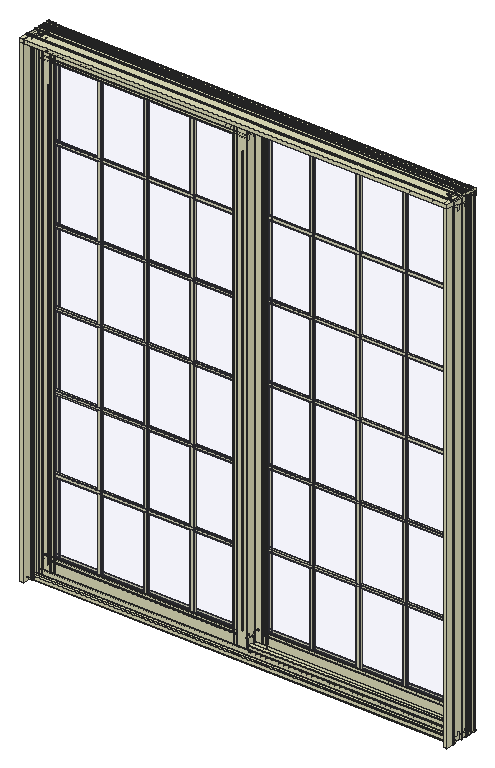
Revit family
Parameters
  Vertical Mullion 2 [instance] = and(Traditional Grille, not(Width > 7' 11 1/2"), and(Width > 7' 11 1/4"))  # no
  Vertical Mullion 3 [instance] = and(Traditional Grille, not(Width > 7' 11 1/4"), and(Width > 4' 11 1/4"))  # yes
  Unit Width = 5' - 11 1/2"
  Unit Height = 6' - 9 1/2"
  URL = "www.pella.com"
  Traditional Grille [instance] = yes
  Size Constraints = "Window Sizing constraints available in 1/4 inch (6.35 mm) increments"  # constant formula
  Set Back = 0' - 1 5/16"
  Series = "Impervia Series"  # constant formula
  Sections = ""
  Sash Width = Width - 0' 2 1/2"  # 5' - 9"
  Rough Width = Width + 0' 0 1/2"  # 6' - 0"
  Rough Height = Height + 0' 0 1/2"  # 6' - 10"
  Revisions Date = "07/29/2009"  # constant formula
  Prairie Grille [instance] = no
  OmniClass 23 = "23-30 00 00,23-30 10 00,23-30 10 14 17,23-30 10 17,23-30 10 17 11"  # constant formula
  MasterFormat 2004 = "08 00 00,08 10 00,08 15 00,08 15 13,08 30 00,08 32 00,08 32 16"  # constant formula
  Manufacturer = "Pella Windows & Doors"  # constant formula
  LEED = ""
  Interior Finish = Pella-Exterior Clad-Tan
  Horizontal Mullion 6 [instance] = and(Traditional Grille, not(Height > 7' 11 1/2"), and(Height > 7' 11 1/4"))  # no
  Horizontal Mullion 5 [instance] = and(Traditional Grille, not(Height > 7' 11 1/4"), and(Height > 6' 7 1/4"))  # yes
  Height = if(or(and(Unit Height < 7' 11 1/2", Unit Height > 6' 7 1/2"), or(Unit Height = 7' 11 1/2", Unit Height = 6' 7 1/2")), Unit Height, if(Unit Height < 6' 7 1/2", 6' 7 1/2", 7' 11 1/2"))  # 6' - 9 1/2"
  Grille Finish = Pella-Exterior Clad-Tan
  Glazing Type = Pella-Argon Filled, Low-E Insulating Glass
  Glazing = 0' - 1.0139"  # constant formula
  Exterior Finish = Pella-Exterior Clad-Tan
  Description = "Sliding Patio Door - Fixed / Vent Unit"  # constant formula
  Wall Closure = (empty or 0)
  Width = if(or(and(Unit Width < 7' 11 1/2", Unit Width > 4' 11 1/2"), or(Unit Width = 7' 11 1/2", Unit Width = 4' 11 1/2")), Unit Width, if(Unit Width < 4' 11 1/2", 4' 11 1/2", 7' 11 1/2"))  # 5' - 11 1/2"
  Assembly Code = "B2030900"
  Architectural Design Manual = "www.pellaadm.com"
  Architectural Data Sheet = "To be determined"
Reference planes (in)
  plane 1: y = 0
  plane 2 "Center (Left/Right)": x = 0
  plane 3 "Left": x = -35.75
  plane 4 "Right": x = 35.75
  plane 5 "Sill": z = 0
  plane 6 "Head": z = 81.5
  plane 7 "Exterior": y = 2.95276
  plane 8 "Interior": y = -2.95276
  plane 9 "Exterior Facade": y = 4.26526
  plane 10 "Set Back": y = 2.95276
  plane 11 "Left Sash": x = -34.5
  plane 12 "Right Sash": x = 34.5
  plane 13 "Interior Left": x = -32.35892
  plane 14 "Interior Right": x = 32.35892
  plane 15 "Head (Interior)": z = 80.25
  plane 16 "Sill (Interior)": z = 1.25
  plane 17 "Head-Interior": z = 78.10892
  plane 18 "Sill-Interior": z = 3.36067
  plane 19 "Glazing Exterior - Exterior": y = 2.39469
  plane 20 "Glazing Exterior - Interior": y = 2.27658
  plane 21 "Glazing Interior - Exterior": y = 1.38079
  plane 22 "Glazing Interior - Interior": y = 1.4989
  plane 23 "2nd Glazing Head": z = 77.80703
  plane 24 "2nd Glazing Sill": z = 3.66256
  plane 25: x = 32.05703
  plane 26: x = -32.05703
  plane 27: x = 35.125
  plane 28: y = -1.79722
  plane 29: x = -35.125
  plane 30: y = -1.79722
  plane 31: y = -1.79722
  plane 32: z = 80.875
  plane 33: z = 3.17232
  plane 34: z = 78.29727
  plane 35: x = 32.54727
  plane 36: x = 32.54727
  plane 37: z = 3.17232
  plane 38: z = 78.29727
  plane 39: z = 78.37601
  plane 40: z = 3.09358
  plane 41: x = -32.62601
  plane 42: x = 32.62601
  plane 43: x = -1.53396
  plane 44: x = 1.53396
  plane 45: x = -1.80104
  plane 46: x = 1.80104
  plane 47: x = -17.07998
  plane 48: x = 17.07998
  plane 49: y = -0.37532
  plane 50 "Glazing Interior - Exterior2": y = -0.25721
  plane 51: y = 0.52046
  plane 52 "Glazing Exterior - Exterior2": y = 0.63857
  plane 53: x = 1.6127
  plane 54: x = 1.6127
  plane 55: x = -0.42645
  plane 56: x = 0.42644
  plane 57: x = -1.6127
  plane 58: x = -32.54727
  plane 59: z = 3.17232
  plane 60: z = 78.29727
  plane 61: x = -32.54727
  plane 62: z = 78.29727
  plane 63: z = 3.17232
  plane 64: x = -1.6127
  plane 65: x = -22.26199
  plane 66: x = -11.89797
  plane 67: x = 11.89797
  plane 68: x = 22.26199
  plane 69: x = 22.63699
  plane 70: x = 21.88699
  plane 71: x = 12.27297
  plane 72: x = 11.52297
  plane 73: x = -22.63699
  plane 74: x = -21.88699
  plane 75: x = -12.27297
  plane 76: x = -11.52297
  plane 77: z = 15.81871
  plane 78: z = 40.7348
  plane 79: z = 65.65088
  plane 80: z = 16.19371
  plane 81: z = 15.44371
  plane 82: z = 40.3598
  plane 83: z = 41.1098
  plane 84: z = 65.27588
  plane 85: z = 66.02588
  plane 86: z = 16.19371
  plane 87: z = 15.44371
  plane 88: z = 41.1098
  plane 89: z = 40.3598
  plane 90: z = 66.02588
  plane 91: z = 65.27588
  plane 92: z = 14.03899
  plane 93: z = 35.39563
  plane 94: z = 46.07396
  plane 95: z = 67.4306
  plane 96: z = 14.41399
  plane 97: z = 13.66399
  plane 98: z = 35.77063
  plane 99: z = 35.02063
  plane 100: z = 46.44896
  plane 101: z = 45.69896
  plane 102: z = 67.8056
  plane 103: z = 67.0556
  plane 104: z = 14.41399
  plane 105: z = 13.66399
  plane 106: z = 35.77063
  plane 107: z = 35.02063
  plane 108: z = 46.44896
  plane 109: z = 45.69896
  plane 110: z = 67.8056
  plane 111: z = 67.0556
  plane 112: x = 29.20931
  plane 113: x = 29.58431
  plane 114: x = 28.83431
  plane 115: x = -29.20931
  plane 116: x = -29.58431
  plane 117: x = -28.83431
  plane 118: z = 7.01189
  plane 119: z = 6.26189
  plane 120: z = 6.63689
  plane 121: z = 74.4577
  plane 122: z = 75.2077
  plane 123: z = 74.8327
  plane 124: z = 7.01189
  plane 125: z = 6.26189
  plane 126: z = 6.63689
  plane 127: z = 74.4577
  plane 128: z = 75.2077
  plane 129: z = 74.8327
  plane 130: x = -24.853
  plane 131: x = -9.30697
  plane 132: x = 9.30697
  plane 133: x = 24.853
  plane 134: x = -4.04622
  plane 135: x = -3.67122
  plane 136: x = -4.42122
  plane 137: x = 4.04622
  plane 138: x = 3.67122
  plane 139: x = 4.42122
  plane 140: z = 53.19284
  plane 141: z = 28.27675
  plane 142: z = 56.75228
  plane 143: z = 24.71731
  plane 144: x = 9.68197
  plane 145: x = 8.93197
  plane 146: x = 16.70498
  plane 147: x = 17.45498
  plane 148: x = 24.478
  plane 149: x = 25.228
  plane 150: x = -24.478
  plane 151: x = -25.228
  plane 152: x = -9.68197
  plane 153: x = -8.93197
  plane 154: x = -16.70498
  plane 155: x = -17.45498
  plane 156: z = 25.09231
  plane 157: z = 24.34231
  plane 158: z = 57.12728
  plane 159: z = 56.37728
  plane 160: z = 25.09231
  plane 161: z = 24.34231
  plane 162: z = 57.12728
  plane 163: z = 56.37728
  plane 164: z = 28.65175
  plane 165: z = 27.90175
  plane 166: z = 53.56784
  plane 167: z = 52.81784
  plane 168: z = 28.65175
  plane 169: z = 27.90175
  plane 170: z = 53.56784
  plane 171: z = 52.81784
  plane 172: x = 4.43012
  plane 173: x = 7.38287
  plane 174: z = 38.76629
  plane 175: z = 42.7033
Forms (in)
  Sweep 1, solid, material "Pella-Exterior Clad-Tan" <- "Exterior Finish"
    path origin (0, 2.95276, 0) x (1, 0, 0) y (0, 0, 1)
      loop
        line (-35.75, 0) -> (-35.75, 81.5)
    profile origin (-35.75, 2.95276, 40.75) x (-1, 0, 0) y (0, -1, 0)
      loop
        line (-0.23, 1.94498) -> (-0.23, 4.30566)
        arc (-0.23, 4.30566) -> (-0.19767, 4.39869) -> (-0.11462, 4.45161) r 0.15
        arc (-0.11462, 4.45161) -> (-0.0897, 4.46749) -> (-0.08, 4.4954) r 0.045
        line (-0.08, 4.4954) -> (-0.08, 4.62498)
        arc (-0.08, 4.62498) -> (-0.09318, 4.6568) -> (-0.125, 4.66998) r 0.045
        line (-0.125, 4.66998) -> (-1.061, 4.66998)
        arc (-1.061, 4.66998) -> (-1.09282, 4.6568) -> (-1.106, 4.62498) r 0.045
        line (-1.106, 4.62498) -> (-1.106, 4.56122)
        arc (-1.106, 4.56122) -> (-1.10257, 4.544) -> (-1.09282, 4.5294) r 0.045
        line (-1.09282, 4.5294) -> (-0.93261, 4.36919)
        arc (-0.93261, 4.36919) -> (-0.90552, 4.32864) -> (-0.896, 4.2808) r 0.125
        line (-0.896, 4.2808) -> (-0.896, 3.99436)
        arc (-0.896, 3.99436) -> (-0.90552, 3.94652) -> (-0.93261, 3.90597) r 0.125
        line (-0.93261, 3.90597) -> (-1.09282, 3.74576)
        arc (-1.09282, 3.74576) -> (-1.10257, 3.73116) -> (-1.106, 3.71394) r 0.045
        line (-1.106, 3.71394) -> (-1.106, 2.27098)
        arc (-1.106, 2.27098) -> (-1.15286, 2.15784) -> (-1.266, 2.11098) r 0.16
        line (-1.266, 2.11098) -> (-1.51, 2.11098)
        arc (-1.51, 2.11098) -> (-1.54182, 2.0978) -> (-1.555, 2.06598) r 0.045
        line (-1.555, 2.06598) -> (-1.555, 1.98998)
        arc (-1.555, 1.98998) -> (-1.52864, 1.92634) -> (-1.465, 1.89998) r 0.09
        line (-1.465, 1.89998) -> (-0.275, 1.89998)
        arc (-0.275, 1.89998) -> (-0.24318, 1.91316) -> (-0.23, 1.94498) r 0.045
      loop
        line (-0.275, 1.81998) -> (-0.768, 1.81998)
        arc (-0.768, 1.81998) -> (-0.79982, 1.8068) -> (-0.813, 1.77498) r 0.045
        line (-0.813, 1.77498) -> (-0.813, 0.47898)
        arc (-0.813, 0.47898) -> (-0.85986, 0.36584) -> (-0.973, 0.31898) r 0.16
        line (-0.973, 0.31898) -> (-1.699, 0.31898)
        arc (-1.699, 0.31898) -> (-1.756, 0.26198) -> (-1.699, 0.20498) r 0.057
        line (-1.699, 0.20498) -> (-1.31988, 0.20498)
        arc (-1.31988, 0.20498) -> (-1.23153, 0.17838) -> (-1.17257, 0.10742) r 0.16
        arc (-1.17257, 0.10742) -> (-1.15598, 0.08746) -> (-1.13113, 0.07998) r 0.045
        line (-1.13113, 0.07998) -> (-0.125, 0.07998)
        arc (-0.125, 0.07998) -> (-0.09318, 0.09316) -> (-0.08, 0.12498) r 0.045
        line (-0.08, 0.12498) -> (-0.08, 0.25456)
        arc (-0.08, 0.25456) -> (-0.0897, 0.28247) -> (-0.11462, 0.29835) r 0.045
        arc (-0.11462, 0.29835) -> (-0.19767, 0.35127) -> (-0.23, 0.4443) r 0.15
        line (-0.23, 0.4443) -> (-0.23, 1.77498)
        arc (-0.23, 1.77498) -> (-0.24318, 1.8068) -> (-0.275, 1.81998) r 0.045
      loop
        arc (-1.106, 4.74998) -> (-1.16257, 4.72655) -> (-1.186, 4.66998) r 0.08
        line (-1.186, 4.66998) -> (-1.186, 4.56122)
        arc (-1.186, 4.56122) -> (-1.17648, 4.51338) -> (-1.14939, 4.47283) r 0.125
        line (-1.14939, 4.47283) -> (-1.09018, 4.41362)
        arc (-1.09018, 4.41362) -> (-1.08043, 4.39902) -> (-1.077, 4.3818) r 0.045
        line (-1.077, 4.3818) -> (-1.077, 3.89336)
        arc (-1.077, 3.89336) -> (-1.08043, 3.87614) -> (-1.09018, 3.86154) r 0.045
        line (-1.09018, 3.86154) -> (-1.15007, 3.80165)
        arc (-1.15007, 3.80165) -> (-1.17512, 3.76577) -> (-1.18627, 3.72345) r 0.125
        arc (-1.18627, 3.72345) -> (-1.21179, 3.67115) -> (-1.266, 3.64998) r 0.08
        line (-1.266, 3.64998) -> (-1.764, 3.64998)
        arc (-1.764, 3.64998) -> (-1.80643, 3.63241) -> (-1.824, 3.58998) r 0.06
        line (-1.824, 3.58998) -> (-1.824, 3.53998)
        arc (-1.824, 3.53998) -> (-1.784, 3.51091) -> (-1.744, 3.53998) r 0.04206
        line (-1.744, 3.53998) -> (-1.266, 3.53998)
        arc (-1.266, 3.53998) -> (-1.20943, 3.51655) -> (-1.186, 3.45998) r 0.08
        line (-1.186, 3.45998) -> (-1.186, 2.27098)
        arc (-1.186, 2.27098) -> (-1.20943, 2.21441) -> (-1.266, 2.19098) r 0.08
        line (-1.266, 2.19098) -> (-1.724, 2.19098)
        arc (-1.724, 2.19098) -> (-1.79471, 2.16169) -> (-1.824, 2.09098) r 0.1
        line (-1.824, 2.09098) -> (-1.824, 1.90298)
        arc (-1.824, 1.90298) -> (-1.81814, 1.88884) -> (-1.804, 1.88298) r 0.02
        line (-1.804, 1.88298) -> (-1.764, 1.88298)
        arc (-1.764, 1.88298) -> (-1.74986, 1.88884) -> (-1.744, 1.90298) r 0.02
        line (-1.744, 1.90298) -> (-1.744, 2.06598)
        arc (-1.744, 2.06598) -> (-1.6895, 2.12048) -> (-1.635, 2.06598) r 0.0545
        line (-1.635, 2.06598) -> (-1.635, 1.98998)
        arc (-1.635, 1.98998) -> (-1.58521, 1.86977) -> (-1.465, 1.81998) r 0.17
        line (-1.465, 1.81998) -> (-0.973, 1.81998)
        arc (-0.973, 1.81998) -> (-0.91643, 1.79655) -> (-0.893, 1.73998) r 0.08
        line (-0.893, 1.73998) -> (-0.893, 0.47898)
        arc (-0.893, 0.47898) -> (-0.91643, 0.42241) -> (-0.973, 0.39898) r 0.08
        line (-0.973, 0.39898) -> (-1.729, 0.39898)
        arc (-1.729, 0.39898) -> (-1.79618, 0.37116) -> (-1.824, 0.30398) r 0.095
        line (-1.824, 0.30398) -> (-1.824, 0.21998)
        arc (-1.824, 0.21998) -> (-1.79618, 0.15281) -> (-1.729, 0.12498) r 0.095
        line (-1.729, 0.12498) -> (-1.31988, 0.12498)
        arc (-1.31988, 0.12498) -> (-1.27118, 0.10845) -> (-1.24261, 0.06569) r 0.08
        arc (-1.24261, 0.06569) -> (-1.21499, 0.01855) -> (-1.16361, -0.00002) r 0.08034
        line (-1.16361, -0.00002) -> (-0.095, -0.00002)
        arc (-0.095, -0.00002) -> (-0.02782, 0.02781) -> (0, 0.09498) r 0.095
        line (0, 0.09498) -> (0, 0.27998)
        arc (0, 0.27998) -> (-0.02484, 0.34403) -> (-0.08636, 0.37459) r 0.095
        arc (-0.08636, 0.37459) -> (-0.1317, 0.3971) -> (-0.15, 0.4443) r 0.07
        line (-0.15, 0.4443) -> (-0.15, 0.8212)
        arc (-0.15, 0.8212) -> (-0.14048, 0.86904) -> (-0.11339, 0.90959) r 0.125
        line (-0.11339, 0.90959) -> (-0.03318, 0.9898)
        arc (-0.03318, 0.9898) -> (-0.02343, 1.0044) -> (-0.02, 1.02162) r 0.045
        line (-0.02, 1.02162) -> (-0.02, 1.08198)
        arc (-0.02, 1.08198) -> (-0.02892, 1.10247) -> (-0.05, 1.10991) r 0.028
        arc (-0.05, 1.10991) -> (-0.07108, 1.10247) -> (-0.08, 1.08198) r 0.028
        arc (-0.08, 1.08198) -> (-0.115, 1.04698) -> (-0.15, 1.08198) r 0.035
        line (-0.15, 1.08198) -> (-0.15, 1.48798)
        arc (-0.15, 1.48798) -> (-0.115, 1.52298) -> (-0.08, 1.48798) r 0.035
        arc (-0.08, 1.48798) -> (-0.07108, 1.46749) -> (-0.05, 1.46005) r 0.028
        arc (-0.05, 1.46005) -> (-0.02892, 1.46749) -> (-0.02, 1.48798) r 0.028
        line (-0.02, 1.48798) -> (-0.02, 1.54834)
        arc (-0.02, 1.54834) -> (-0.02343, 1.56556) -> (-0.03318, 1.58016) r 0.045
        line (-0.03318, 1.58016) -> (-0.11697, 1.66395)
        arc (-0.11697, 1.66395) -> (-0.13751, 1.69102) -> (-0.15, 1.72262) r 0.125
        arc (-0.15, 1.72262) -> (-0.13818, 1.75302) -> (-0.10892, 1.76745) r 0.045
        line (-0.10892, 1.76745) -> (-0.04108, 1.77339)
        arc (-0.04108, 1.77339) -> (-0.01182, 1.78781) -> (0, 1.81822) r 0.045
        line (0, 1.81822) -> (0, 1.88575)
        arc (0, 1.88575) -> (-0.01182, 1.91615) -> (-0.04108, 1.93057) r 0.045
        line (-0.04108, 1.93057) -> (-0.10892, 1.93651)
        arc (-0.10892, 1.93651) -> (-0.13818, 1.95094) -> (-0.15, 1.98134) r 0.045
        line (-0.15, 1.98134) -> (-0.15, 2.67962)
        arc (-0.15, 2.67962) -> (-0.13818, 2.71002) -> (-0.10892, 2.72445) r 0.045
        line (-0.10892, 2.72445) -> (-0.04108, 2.73039)
        arc (-0.04108, 2.73039) -> (-0.01182, 2.74481) -> (0, 2.77522) r 0.045
        line (0, 2.77522) -> (0, 2.84275)
        arc (0, 2.84275) -> (-0.01182, 2.87315) -> (-0.04108, 2.88757) r 0.045
        line (-0.04108, 2.88757) -> (-0.10892, 2.89351)
        arc (-0.10892, 2.89351) -> (-0.13818, 2.90794) -> (-0.15, 2.93834) r 0.045
        line (-0.15, 2.93834) -> (-0.15, 4.28424)
        arc (-0.15, 4.28424) -> (-0.12891, 4.34393) -> (-0.075, 4.37711) r 0.095
        arc (-0.075, 4.37711) -> (-0.02109, 4.41029) -> (0, 4.46998) r 0.095
        line (0, 4.46998) -> (0, 4.65498)
        arc (0, 4.65498) -> (-0.02782, 4.72216) -> (-0.095, 4.74998) r 0.095
        line (-0.095, 4.74998) -> (-1.106, 4.74998)
  Sweep 2, solid, material "Pella-Exterior Clad-Tan" <- "Exterior Finish"
    path origin (0, 2.95276, 0) x (1, 0, 0) y (0, 0, 1)
      loop
        line (35.75, 0) -> (35.75, 81.5)
    profile origin (35.75, 2.95276, 40.75) x (-1, 0, 0) y (0, -1, 0)
      loop
        arc (0.23, 1.94498) -> (0.24318, 1.91316) -> (0.275, 1.89998) r 0.045
        line (0.275, 1.89998) -> (1.465, 1.89998)
        arc (1.465, 1.89998) -> (1.52864, 1.92634) -> (1.555, 1.98998) r 0.09
        line (1.555, 1.98998) -> (1.555, 2.06598)
        arc (1.555, 2.06598) -> (1.54182, 2.0978) -> (1.51, 2.11098) r 0.045
        line (1.51, 2.11098) -> (1.266, 2.11098)
        arc (1.266, 2.11098) -> (1.15286, 2.15784) -> (1.106, 2.27098) r 0.16
        line (1.106, 2.27098) -> (1.106, 3.71394)
        arc (1.106, 3.71394) -> (1.10257, 3.73116) -> (1.09282, 3.74576) r 0.045
        line (1.09282, 3.74576) -> (0.93261, 3.90597)
        arc (0.93261, 3.90597) -> (0.90552, 3.94652) -> (0.896, 3.99436) r 0.125
        line (0.896, 3.99436) -> (0.896, 4.2808)
        arc (0.896, 4.2808) -> (0.90552, 4.32864) -> (0.93261, 4.36919) r 0.125
        line (0.93261, 4.36919) -> (1.09282, 4.5294)
        arc (1.09282, 4.5294) -> (1.10257, 4.544) -> (1.106, 4.56122) r 0.045
        line (1.106, 4.56122) -> (1.106, 4.62498)
        arc (1.106, 4.62498) -> (1.09282, 4.6568) -> (1.061, 4.66998) r 0.045
        line (1.061, 4.66998) -> (0.125, 4.66998)
        arc (0.125, 4.66998) -> (0.09318, 4.6568) -> (0.08, 4.62498) r 0.045
        line (0.08, 4.62498) -> (0.08, 4.4954)
        arc (0.08, 4.4954) -> (0.0897, 4.46749) -> (0.11462, 4.45161) r 0.045
        arc (0.11462, 4.45161) -> (0.19767, 4.39869) -> (0.23, 4.30566) r 0.15
        line (0.23, 4.30566) -> (0.23, 1.94498)
      loop
        arc (0.275, 1.81998) -> (0.24318, 1.8068) -> (0.23, 1.77498) r 0.045
        line (0.23, 1.77498) -> (0.23, 0.4443)
        arc (0.23, 0.4443) -> (0.19767, 0.35127) -> (0.11462, 0.29835) r 0.15
        arc (0.11462, 0.29835) -> (0.0897, 0.28247) -> (0.08, 0.25456) r 0.045
        line (0.08, 0.25456) -> (0.08, 0.12498)
        arc (0.08, 0.12498) -> (0.09318, 0.09316) -> (0.125, 0.07998) r 0.045
        line (0.125, 0.07998) -> (1.13113, 0.07998)
        arc (1.13113, 0.07998) -> (1.15598, 0.08746) -> (1.17257, 0.10742) r 0.045
        arc (1.17257, 0.10742) -> (1.23153, 0.17838) -> (1.31988, 0.20498) r 0.16
        line (1.31988, 0.20498) -> (1.699, 0.20498)
        arc (1.699, 0.20498) -> (1.756, 0.26198) -> (1.699, 0.31898) r 0.057
        line (1.699, 0.31898) -> (0.973, 0.31898)
        arc (0.973, 0.31898) -> (0.85986, 0.36584) -> (0.813, 0.47898) r 0.16
        line (0.813, 0.47898) -> (0.813, 1.77498)
        arc (0.813, 1.77498) -> (0.79982, 1.8068) -> (0.768, 1.81998) r 0.045
        line (0.768, 1.81998) -> (0.275, 1.81998)
      loop
        line (1.106, 4.74998) -> (0.095, 4.74998)
        arc (0.095, 4.74998) -> (0.02782, 4.72216) -> (0, 4.65498) r 0.095
        line (0, 4.65498) -> (0, 4.46998)
        arc (0, 4.46998) -> (0.02109, 4.41029) -> (0.075, 4.37711) r 0.095
        arc (0.075, 4.37711) -> (0.12891, 4.34393) -> (0.15, 4.28424) r 0.095
        line (0.15, 4.28424) -> (0.15, 2.93834)
        arc (0.15, 2.93834) -> (0.13818, 2.90794) -> (0.10892, 2.89351) r 0.045
        line (0.10892, 2.89351) -> (0.04108, 2.88757)
        arc (0.04108, 2.88757) -> (0.01182, 2.87315) -> (0, 2.84275) r 0.045
        line (0, 2.84275) -> (0, 2.77522)
        arc (0, 2.77522) -> (0.01182, 2.74481) -> (0.04108, 2.73039) r 0.045
        line (0.04108, 2.73039) -> (0.10892, 2.72445)
        arc (0.10892, 2.72445) -> (0.13818, 2.71002) -> (0.15, 2.67962) r 0.045
        line (0.15, 2.67962) -> (0.15, 1.98134)
        arc (0.15, 1.98134) -> (0.13818, 1.95094) -> (0.10892, 1.93651) r 0.045
        line (0.10892, 1.93651) -> (0.04108, 1.93057)
        arc (0.04108, 1.93057) -> (0.01182, 1.91615) -> (0, 1.88575) r 0.045
        line (0, 1.88575) -> (0, 1.81822)
        arc (0, 1.81822) -> (0.01182, 1.78781) -> (0.04108, 1.77339) r 0.045
        line (0.04108, 1.77339) -> (0.10892, 1.76745)
        arc (0.10892, 1.76745) -> (0.13818, 1.75302) -> (0.15, 1.72262) r 0.045
        arc (0.15, 1.72262) -> (0.13751, 1.69102) -> (0.11697, 1.66395) r 0.125
        line (0.11697, 1.66395) -> (0.03318, 1.58016)
        arc (0.03318, 1.58016) -> (0.02343, 1.56556) -> (0.02, 1.54834) r 0.045
        line (0.02, 1.54834) -> (0.02, 1.48798)
        arc (0.02, 1.48798) -> (0.02892, 1.46749) -> (0.05, 1.46005) r 0.028
        arc (0.05, 1.46005) -> (0.07108, 1.46749) -> (0.08, 1.48798) r 0.028
        arc (0.08, 1.48798) -> (0.115, 1.52298) -> (0.15, 1.48798) r 0.035
        line (0.15, 1.48798) -> (0.15, 1.08198)
        arc (0.15, 1.08198) -> (0.115, 1.04698) -> (0.08, 1.08198) r 0.035
        arc (0.08, 1.08198) -> (0.07108, 1.10247) -> (0.05, 1.10991) r 0.028
        arc (0.05, 1.10991) -> (0.02892, 1.10247) -> (0.02, 1.08198) r 0.028
        line (0.02, 1.08198) -> (0.02, 1.02162)
        arc (0.02, 1.02162) -> (0.02343, 1.0044) -> (0.03318, 0.9898) r 0.045
        line (0.03318, 0.9898) -> (0.11339, 0.90959)
        arc (0.11339, 0.90959) -> (0.14048, 0.86904) -> (0.15, 0.8212) r 0.125
        line (0.15, 0.8212) -> (0.15, 0.4443)
        arc (0.15, 0.4443) -> (0.1317, 0.3971) -> (0.08636, 0.37459) r 0.07
        arc (0.08636, 0.37459) -> (0.02484, 0.34403) -> (0, 0.27998) r 0.095
        line (0, 0.27998) -> (0, 0.09498)
        arc (0, 0.09498) -> (0.02782, 0.02781) -> (0.095, -0.00002) r 0.095
        line (0.095, -0.00002) -> (1.16361, -0.00002)
        arc (1.16361, -0.00002) -> (1.21499, 0.01855) -> (1.24261, 0.06569) r 0.08034
        arc (1.24261, 0.06569) -> (1.27118, 0.10845) -> (1.31988, 0.12498) r 0.08
        line (1.31988, 0.12498) -> (1.729, 0.12498)
        arc (1.729, 0.12498) -> (1.79618, 0.15281) -> (1.824, 0.21998) r 0.095
        line (1.824, 0.21998) -> (1.824, 0.30398)
        arc (1.824, 0.30398) -> (1.79618, 0.37116) -> (1.729, 0.39898) r 0.095
        line (1.729, 0.39898) -> (0.973, 0.39898)
        arc (0.973, 0.39898) -> (0.91643, 0.42241) -> (0.893, 0.47898) r 0.08
        line (0.893, 0.47898) -> (0.893, 1.73998)
        arc (0.893, 1.73998) -> (0.91643, 1.79655) -> (0.973, 1.81998) r 0.08
        line (0.973, 1.81998) -> (1.465, 1.81998)
        arc (1.465, 1.81998) -> (1.58521, 1.86977) -> (1.635, 1.98998) r 0.17
        line (1.635, 1.98998) -> (1.635, 2.06598)
        arc (1.635, 2.06598) -> (1.6895, 2.12048) -> (1.744, 2.06598) r 0.0545
        line (1.744, 2.06598) -> (1.744, 1.90298)
        arc (1.744, 1.90298) -> (1.74986, 1.88884) -> (1.764, 1.88298) r 0.02
        line (1.764, 1.88298) -> (1.804, 1.88298)
        arc (1.804, 1.88298) -> (1.81814, 1.88884) -> (1.824, 1.90298) r 0.02
        line (1.824, 1.90298) -> (1.824, 2.09098)
        arc (1.824, 2.09098) -> (1.79471, 2.16169) -> (1.724, 2.19098) r 0.1
        line (1.724, 2.19098) -> (1.266, 2.19098)
        arc (1.266, 2.19098) -> (1.20943, 2.21441) -> (1.186, 2.27098) r 0.08
        line (1.186, 2.27098) -> (1.186, 3.45998)
        arc (1.186, 3.45998) -> (1.20943, 3.51655) -> (1.266, 3.53998) r 0.08
        line (1.266, 3.53998) -> (1.744, 3.53998)
        arc (1.744, 3.53998) -> (1.784, 3.51091) -> (1.824, 3.53998) r 0.04206
        line (1.824, 3.53998) -> (1.824, 3.58998)
        arc (1.824, 3.58998) -> (1.80643, 3.63241) -> (1.764, 3.64998) r 0.06
        line (1.764, 3.64998) -> (1.266, 3.64998)
        arc (1.266, 3.64998) -> (1.21179, 3.67115) -> (1.18627, 3.72345) r 0.08
        arc (1.18627, 3.72345) -> (1.17512, 3.76577) -> (1.15007, 3.80165) r 0.125
        line (1.15007, 3.80165) -> (1.09018, 3.86154)
        arc (1.09018, 3.86154) -> (1.08043, 3.87614) -> (1.077, 3.89336) r 0.045
        line (1.077, 3.89336) -> (1.077, 4.3818)
        arc (1.077, 4.3818) -> (1.08043, 4.39902) -> (1.09018, 4.41362) r 0.045
        line (1.09018, 4.41362) -> (1.14939, 4.47283)
        arc (1.14939, 4.47283) -> (1.17648, 4.51338) -> (1.186, 4.56122) r 0.125
        line (1.186, 4.56122) -> (1.186, 4.66998)
        arc (1.186, 4.66998) -> (1.16257, 4.72655) -> (1.106, 4.74998) r 0.08
  Sweep 3, solid, material "Pella-Exterior Clad-Tan" <- "Exterior Finish"
    path origin (0, 2.95276, 0) x (1, 0, 0) y (0, 0, 1)
      loop
        line (35.75, 81.5) -> (-35.75, 81.5)
    profile origin (0, 2.95276, 81.5) x (0, 0, -1) y (0, -1, 0)
      loop
        arc (0.23, 1.94498) -> (0.24318, 1.91316) -> (0.275, 1.89998) r 0.045
        line (0.275, 1.89998) -> (1.465, 1.89998)
        arc (1.465, 1.89998) -> (1.52864, 1.92634) -> (1.555, 1.98998) r 0.09
        line (1.555, 1.98998) -> (1.555, 2.06598)
        arc (1.555, 2.06598) -> (1.54182, 2.0978) -> (1.51, 2.11098) r 0.045
        line (1.51, 2.11098) -> (1.266, 2.11098)
        arc (1.266, 2.11098) -> (1.15286, 2.15784) -> (1.106, 2.27098) r 0.16
        line (1.106, 2.27098) -> (1.106, 3.71394)
        arc (1.106, 3.71394) -> (1.10257, 3.73116) -> (1.09282, 3.74576) r 0.045
        line (1.09282, 3.74576) -> (0.93261, 3.90597)
        arc (0.93261, 3.90597) -> (0.90552, 3.94652) -> (0.896, 3.99436) r 0.125
        line (0.896, 3.99436) -> (0.896, 4.2808)
        arc (0.896, 4.2808) -> (0.90552, 4.32864) -> (0.93261, 4.36919) r 0.125
        line (0.93261, 4.36919) -> (1.09282, 4.5294)
        arc (1.09282, 4.5294) -> (1.10257, 4.544) -> (1.106, 4.56122) r 0.045
        line (1.106, 4.56122) -> (1.106, 4.62498)
        arc (1.106, 4.62498) -> (1.09282, 4.6568) -> (1.061, 4.66998) r 0.045
        line (1.061, 4.66998) -> (0.125, 4.66998)
        arc (0.125, 4.66998) -> (0.09318, 4.6568) -> (0.08, 4.62498) r 0.045
        line (0.08, 4.62498) -> (0.08, 4.4954)
        arc (0.08, 4.4954) -> (0.0897, 4.46749) -> (0.11462, 4.45161) r 0.045
        arc (0.11462, 4.45161) -> (0.19767, 4.39869) -> (0.23, 4.30566) r 0.15
        line (0.23, 4.30566) -> (0.23, 1.94498)
      loop
        arc (0.275, 1.81998) -> (0.24318, 1.8068) -> (0.23, 1.77498) r 0.045
        line (0.23, 1.77498) -> (0.23, 0.4443)
        arc (0.23, 0.4443) -> (0.19767, 0.35127) -> (0.11462, 0.29835) r 0.15
        arc (0.11462, 0.29835) -> (0.0897, 0.28247) -> (0.08, 0.25456) r 0.045
        line (0.08, 0.25456) -> (0.08, 0.12498)
        arc (0.08, 0.12498) -> (0.09318, 0.09316) -> (0.125, 0.07998) r 0.045
        line (0.125, 0.07998) -> (1.13113, 0.07998)
        arc (1.13113, 0.07998) -> (1.15598, 0.08746) -> (1.17257, 0.10742) r 0.045
        arc (1.17257, 0.10742) -> (1.23153, 0.17838) -> (1.31988, 0.20498) r 0.16
        line (1.31988, 0.20498) -> (1.699, 0.20498)
        arc (1.699, 0.20498) -> (1.756, 0.26198) -> (1.699, 0.31898) r 0.057
        line (1.699, 0.31898) -> (0.973, 0.31898)
        arc (0.973, 0.31898) -> (0.85986, 0.36584) -> (0.813, 0.47898) r 0.16
        line (0.813, 0.47898) -> (0.813, 1.77498)
        arc (0.813, 1.77498) -> (0.79982, 1.8068) -> (0.768, 1.81998) r 0.045
        line (0.768, 1.81998) -> (0.275, 1.81998)
      loop
        line (1.106, 4.74998) -> (0.095, 4.74998)
        arc (0.095, 4.74998) -> (0.02782, 4.72216) -> (0, 4.65498) r 0.095
        line (0, 4.65498) -> (0, 4.46998)
        arc (0, 4.46998) -> (0.02109, 4.41029) -> (0.075, 4.37711) r 0.095
        arc (0.075, 4.37711) -> (0.12891, 4.34393) -> (0.15, 4.28424) r 0.095
        line (0.15, 4.28424) -> (0.15, 2.93834)
        arc (0.15, 2.93834) -> (0.13818, 2.90794) -> (0.10892, 2.89351) r 0.045
        line (0.10892, 2.89351) -> (0.04108, 2.88757)
        arc (0.04108, 2.88757) -> (0.01182, 2.87315) -> (0, 2.84275) r 0.045
        line (0, 2.84275) -> (0, 2.77522)
        arc (0, 2.77522) -> (0.01182, 2.74481) -> (0.04108, 2.73039) r 0.045
        line (0.04108, 2.73039) -> (0.10892, 2.72445)
        arc (0.10892, 2.72445) -> (0.13818, 2.71002) -> (0.15, 2.67962) r 0.045
        line (0.15, 2.67962) -> (0.15, 1.98134)
        arc (0.15, 1.98134) -> (0.13818, 1.95094) -> (0.10892, 1.93651) r 0.045
        line (0.10892, 1.93651) -> (0.04108, 1.93057)
        arc (0.04108, 1.93057) -> (0.01182, 1.91615) -> (0, 1.88575) r 0.045
        line (0, 1.88575) -> (0, 1.81822)
        arc (0, 1.81822) -> (0.01182, 1.78781) -> (0.04108, 1.77339) r 0.045
        line (0.04108, 1.77339) -> (0.10892, 1.76745)
        arc (0.10892, 1.76745) -> (0.13818, 1.75302) -> (0.15, 1.72262) r 0.045
        arc (0.15, 1.72262) -> (0.13751, 1.69102) -> (0.11697, 1.66395) r 0.125
        line (0.11697, 1.66395) -> (0.03318, 1.58016)
        arc (0.03318, 1.58016) -> (0.02343, 1.56556) -> (0.02, 1.54834) r 0.045
        line (0.02, 1.54834) -> (0.02, 1.48798)
        arc (0.02, 1.48798) -> (0.02892, 1.46749) -> (0.05, 1.46005) r 0.028
        arc (0.05, 1.46005) -> (0.07108, 1.46749) -> (0.08, 1.48798) r 0.028
        arc (0.08, 1.48798) -> (0.115, 1.52298) -> (0.15, 1.48798) r 0.035
        line (0.15, 1.48798) -> (0.15, 1.08198)
        arc (0.15, 1.08198) -> (0.115, 1.04698) -> (0.08, 1.08198) r 0.035
        arc (0.08, 1.08198) -> (0.07108, 1.10247) -> (0.05, 1.10991) r 0.028
        arc (0.05, 1.10991) -> (0.02892, 1.10247) -> (0.02, 1.08198) r 0.028
        line (0.02, 1.08198) -> (0.02, 1.02162)
        arc (0.02, 1.02162) -> (0.02343, 1.0044) -> (0.03318, 0.9898) r 0.045
        line (0.03318, 0.9898) -> (0.11339, 0.90959)
        arc (0.11339, 0.90959) -> (0.14048, 0.86904) -> (0.15, 0.8212) r 0.125
        line (0.15, 0.8212) -> (0.15, 0.4443)
        arc (0.15, 0.4443) -> (0.1317, 0.3971) -> (0.08636, 0.37459) r 0.07
        arc (0.08636, 0.37459) -> (0.02484, 0.34403) -> (0, 0.27998) r 0.095
        line (0, 0.27998) -> (0, 0.09498)
        arc (0, 0.09498) -> (0.02782, 0.02781) -> (0.095, -0.00002) r 0.095
        line (0.095, -0.00002) -> (1.16361, -0.00002)
        arc (1.16361, -0.00002) -> (1.21499, 0.01855) -> (1.24261, 0.06569) r 0.08034
        arc (1.24261, 0.06569) -> (1.27118, 0.10845) -> (1.31988, 0.12498) r 0.08
        line (1.31988, 0.12498) -> (1.729, 0.12498)
        arc (1.729, 0.12498) -> (1.79618, 0.15281) -> (1.824, 0.21998) r 0.095
        line (1.824, 0.21998) -> (1.824, 0.30398)
        arc (1.824, 0.30398) -> (1.79618, 0.37116) -> (1.729, 0.39898) r 0.095
        line (1.729, 0.39898) -> (0.973, 0.39898)
        arc (0.973, 0.39898) -> (0.91643, 0.42241) -> (0.893, 0.47898) r 0.08
        line (0.893, 0.47898) -> (0.893, 1.73998)
        arc (0.893, 1.73998) -> (0.91643, 1.79655) -> (0.973, 1.81998) r 0.08
        line (0.973, 1.81998) -> (1.465, 1.81998)
        arc (1.465, 1.81998) -> (1.58521, 1.86977) -> (1.635, 1.98998) r 0.17
        line (1.635, 1.98998) -> (1.635, 2.06598)
        arc (1.635, 2.06598) -> (1.6895, 2.12048) -> (1.744, 2.06598) r 0.0545
        line (1.744, 2.06598) -> (1.744, 1.90298)
        arc (1.744, 1.90298) -> (1.74986, 1.88884) -> (1.764, 1.88298) r 0.02
        line (1.764, 1.88298) -> (1.804, 1.88298)
        arc (1.804, 1.88298) -> (1.81814, 1.88884) -> (1.824, 1.90298) r 0.02
        line (1.824, 1.90298) -> (1.824, 2.09098)
        arc (1.824, 2.09098) -> (1.79471, 2.16169) -> (1.724, 2.19098) r 0.1
        line (1.724, 2.19098) -> (1.266, 2.19098)
        arc (1.266, 2.19098) -> (1.20943, 2.21441) -> (1.186, 2.27098) r 0.08
        line (1.186, 2.27098) -> (1.186, 3.45998)
        arc (1.186, 3.45998) -> (1.20943, 3.51655) -> (1.266, 3.53998) r 0.08
        line (1.266, 3.53998) -> (1.744, 3.53998)
        arc (1.744, 3.53998) -> (1.784, 3.51091) -> (1.824, 3.53998) r 0.04206
        line (1.824, 3.53998) -> (1.824, 3.58998)
        arc (1.824, 3.58998) -> (1.80643, 3.63241) -> (1.764, 3.64998) r 0.06
        line (1.764, 3.64998) -> (1.266, 3.64998)
        arc (1.266, 3.64998) -> (1.21179, 3.67115) -> (1.18627, 3.72345) r 0.08
        arc (1.18627, 3.72345) -> (1.17512, 3.76577) -> (1.15007, 3.80165) r 0.125
        line (1.15007, 3.80165) -> (1.09018, 3.86154)
        arc (1.09018, 3.86154) -> (1.08043, 3.87614) -> (1.077, 3.89336) r 0.045
        line (1.077, 3.89336) -> (1.077, 4.3818)
        arc (1.077, 4.3818) -> (1.08043, 4.39902) -> (1.09018, 4.41362) r 0.045
        line (1.09018, 4.41362) -> (1.14939, 4.47283)
        arc (1.14939, 4.47283) -> (1.17648, 4.51338) -> (1.186, 4.56122) r 0.125
        line (1.186, 4.56122) -> (1.186, 4.66998)
        arc (1.186, 4.66998) -> (1.16257, 4.72655) -> (1.106, 4.74998) r 0.08
  Sweep 4, solid, material "Pella-Exterior Clad-Tan" <- "Exterior Finish"
    path origin (0, 2.95276, 0) x (1, 0, 0) y (0, 0, 1)
      loop
        line (35.75, 0) -> (-35.75, 0)
    profile origin (0, 2.95276, 0) x (0, 0, -1) y (0, -1, 0)
      loop
        arc (-1.37, 3.65098) -> (-1.41384, 3.63282) -> (-1.432, 3.58898) r 0.062
        line (-1.432, 3.58898) -> (-1.432, 3.53564)
        arc (-1.432, 3.53564) -> (-1.39383, 3.51434) -> (-1.35566, 3.53564) r 0.04485
        line (-1.35566, 3.53564) -> (-1.07966, 3.53564)
        arc (-1.07966, 3.53564) -> (-1.02333, 3.51231) -> (-1, 3.45598) r 0.07966
        line (-1, 3.45598) -> (-1, 2.30798)
        arc (-1, 2.30798) -> (-1.02343, 2.25141) -> (-1.08, 2.22798) r 0.08
        line (-1.08, 2.22798) -> (-1.205, 2.22798)
        arc (-1.205, 2.22798) -> (-1.2625, 2.17048) -> (-1.205, 2.11298) r 0.0575
        line (-1.205, 2.11298) -> (-1.08, 2.11298)
        arc (-1.08, 2.11298) -> (-1.02343, 2.08955) -> (-1, 2.03298) r 0.08
        arc (-1, 2.03298) -> (-0.97791, 1.95204) -> (-0.91775, 1.89355) r 0.15931
        line (-0.91775, 1.89355) -> (-0.59651, 1.77663)
        arc (-0.59651, 1.77663) -> (-0.56957, 1.76941) -> (-0.54179, 1.76698) r 0.16
        line (-0.54179, 1.76698) -> (-0.42713, 1.76698)
        arc (-0.42713, 1.76698) -> (-0.34188, 1.7334) -> (-0.30243, 1.6507) r 0.125
        line (-0.30243, 1.6507) -> (-0.28769, 1.43992)
        arc (-0.28769, 1.43992) -> (-0.35424, 1.25198) -> (-0.53708, 1.17248) r 0.25
        line (-0.53708, 1.17248) -> (-0.58416, 1.17248)
        arc (-0.58416, 1.17248) -> (-0.59955, 1.17519) -> (-0.61308, 1.18301) r 0.045
        line (-0.61308, 1.18301) -> (-0.63923, 1.20495)
        arc (-0.63923, 1.20495) -> (-0.66485, 1.21536) -> (-0.69171, 1.20883) r 0.045
        arc (-0.69171, 1.20883) -> (-0.72208, 1.18182) -> (-0.74127, 1.146) r 0.116
        arc (-0.74127, 1.146) -> (-0.74657, 1.10998) -> (-0.74127, 1.07396) r 0.125
        arc (-0.74127, 1.07396) -> (-0.72208, 1.03814) -> (-0.69171, 1.01114) r 0.116
        arc (-0.69171, 1.01114) -> (-0.66485, 1.0046) -> (-0.63923, 1.01501) r 0.045
        line (-0.63923, 1.01501) -> (-0.61308, 1.03695)
        arc (-0.61308, 1.03695) -> (-0.59955, 1.04477) -> (-0.58416, 1.04748) r 0.045
        line (-0.58416, 1.04748) -> (-0.49338, 1.04748)
        arc (-0.49338, 1.04748) -> (-0.32288, 0.98032) -> (-0.24399, 0.81492) r 0.25
        line (-0.24399, 0.81492) -> (-0.1909, 0.05579)
        arc (-0.1909, 0.05579) -> (-0.17197, 0.0161) -> (-0.13105, -0.00002) r 0.06
        line (-0.13105, -0.00002) -> (-0.06, -0.00002)
        arc (-0.06, -0.00002) -> (-0.01757, 0.01755) -> (0, 0.05998) r 0.06
        line (0, 0.05998) -> (0, 0.21898)
        arc (0, 0.21898) -> (-0.00808, 0.23985) -> (-0.02809, 0.24984) r 0.031
        arc (-0.02809, 0.24984) -> (-0.04737, 0.25905) -> (-0.05611, 0.27854) r 0.031
        line (-0.05611, 0.27854) -> (-0.1027, 0.94478) -> (0, 1.04748) -> (0, 1.17248) -> (-0.12754, 1.30002) -> (-0.15335, 1.66554)
        arc (-0.15335, 1.66554) -> (-0.13777, 1.73541) -> (-0.08644, 1.78531) r 0.12515
        arc (-0.08644, 1.78531) -> (-0.02379, 1.8441) -> (-0.00068, 1.92685) r 0.15968
        line (-0.00068, 1.92685) -> (-0.00068, 2.07927)
        arc (-0.00068, 2.07927) -> (-0.0194, 2.12446) -> (-0.0646, 2.14318) r 0.06392
        arc (-0.0646, 2.14318) -> (-0.09954, 2.13108) -> (-0.11436, 2.09719) r 0.04613
        line (-0.11436, 2.09719) -> (-0.11436, 1.9271)
        arc (-0.11436, 1.9271) -> (-0.12765, 1.89503) -> (-0.15971, 1.88175) r 0.04535
        line (-0.15971, 1.88175) -> (-0.54972, 1.88175) -> (-0.85539, 1.99323)
        arc (-0.85539, 1.99323) -> (-0.87686, 2.00971) -> (-0.885, 2.03552) r 0.045
        line (-0.885, 2.03552) -> (-0.885, 3.49098)
        arc (-0.885, 3.49098) -> (-0.87182, 3.5228) -> (-0.84, 3.53598) r 0.045
        line (-0.84, 3.53598) -> (-0.52, 3.53598)
        arc (-0.52, 3.53598) -> (-0.40686, 3.58284) -> (-0.36, 3.69598) r 0.16
        line (-0.36, 3.69598) -> (-0.36, 3.87498)
        arc (-0.36, 3.87498) -> (-0.40686, 3.98812) -> (-0.52, 4.03498) r 0.16
        line (-0.52, 4.03498) -> (-0.715, 4.03498)
        arc (-0.715, 4.03498) -> (-0.74682, 4.04816) -> (-0.76, 4.07998) r 0.045
        line (-0.76, 4.07998) -> (-0.76, 4.58998)
        arc (-0.76, 4.58998) -> (-0.74682, 4.6218) -> (-0.715, 4.63498) r 0.045
        line (-0.715, 4.63498) -> (-0.16, 4.63498)
        arc (-0.16, 4.63498) -> (-0.12818, 4.6218) -> (-0.115, 4.58998) r 0.045
        line (-0.115, 4.58998) -> (-0.115, 4.45748)
        arc (-0.115, 4.45748) -> (-0.09962, 4.42036) -> (-0.0625, 4.40498) r 0.0525
        arc (-0.0625, 4.40498) -> (-0.01831, 4.42329) -> (0, 4.46748) r 0.0625
        line (0, 4.46748) -> (0, 4.61998)
        arc (0, 4.61998) -> (-0.03808, 4.7119) -> (-0.13, 4.74998) r 0.13
        line (-0.13, 4.74998) -> (-0.75, 4.74998)
        arc (-0.75, 4.74998) -> (-0.83839, 4.71337) -> (-0.875, 4.62498) r 0.125
        line (-0.875, 4.62498) -> (-0.875, 4.04498)
        arc (-0.875, 4.04498) -> (-0.83839, 3.95659) -> (-0.75, 3.91998) r 0.125
        line (-0.75, 3.91998) -> (-0.52, 3.91998)
        arc (-0.52, 3.91998) -> (-0.48818, 3.9068) -> (-0.475, 3.87498) r 0.045
        line (-0.475, 3.87498) -> (-0.475, 3.69598)
        arc (-0.475, 3.69598) -> (-0.48818, 3.66416) -> (-0.52, 3.65098) r 0.045
        line (-0.52, 3.65098) -> (-1.37, 3.65098)
  Sweep 5, solid, material "Pella-Exterior Clad-Tan" <- "Exterior Finish"
    path origin (0, 2.95276, 0) x (1, 0, 0) y (0, 0, 1)
      loop
        line (34.5, 1.25) -> (-0.42645, 1.25)
    profile origin (17.03678, 2.95276, 1.25) x (0, 0, -1) y (0, -1, 0)
      loop
        arc (-1.86558, 1.70049) -> (-1.89036, 1.68811) -> (-1.91772, 1.68385) r 0.09
        line (-1.91772, 1.68385) -> (-2.32658, 1.68385)
        arc (-2.32658, 1.68385) -> (-2.38315, 1.66042) -> (-2.40658, 1.60385) r 0.08
        arc (-2.40658, 1.60385) -> (-2.4022, 1.58589) -> (-2.39005, 1.57196) r 0.03901
        line (-2.39005, 1.57196) -> (-2.35658, 1.57196)
        arc (-2.35658, 1.57196) -> (-2.34244, 1.57782) -> (-2.33658, 1.59196) r 0.02
        arc (-2.33658, 1.59196) -> (-2.33017, 1.60744) -> (-2.3147, 1.61385) r 0.02189
        line (-2.3147, 1.61385) -> (-1.88858, 1.61385)
        arc (-1.88858, 1.61385) -> (-1.85676, 1.60067) -> (-1.84358, 1.56885) r 0.045
        line (-1.84358, 1.56885) -> (-1.84358, 0.74024)
        arc (-1.84358, 0.74024) -> (-1.82519, 0.69295) -> (-1.77968, 0.6705) r 0.07
        line (-1.77968, 0.6705) -> (-1.58267, 0.65327)
        arc (-1.58267, 0.65327) -> (-1.54844, 0.61019) -> (-1.58267, 0.56711) r 0.04423
        line (-1.58267, 0.56711) -> (-1.73561, 0.5443)
        arc (-1.73561, 0.5443) -> (-1.77082, 0.54732) -> (-1.78938, 0.51725) r 0.03372
        arc (-1.78938, 0.51725) -> (-1.77609, 0.48516) -> (-1.74399, 0.47187) r 0.04539
        line (-1.74399, 0.47187) -> (-0.00572, 0.47187)
        arc (-0.00572, 0.47187) -> (0.06508, 0.50119) -> (0.09441, 0.57199) r 0.10012
        line (0.09441, 0.57199) -> (0.09441, 1.63285)
        arc (0.09441, 1.63285) -> (0.06648, 1.7022) -> (-0.0017, 1.73285) r 0.10008
        line (-0.0017, 1.73285) -> (-1.7642, 1.73285)
        arc (-1.7642, 1.73285) -> (-1.81741, 1.72456) -> (-1.86558, 1.70049) r 0.175
      loop
        arc (-1.52117, 0.67541) -> (-1.50072, 0.64252) -> (-1.49358, 0.60447) r 0.105
        line (-1.49358, 0.60447) -> (-1.49358, 0.57209)
        arc (-1.49358, 0.57209) -> (-1.4804, 0.54027) -> (-1.44858, 0.52709) r 0.045
        line (-1.44858, 0.52709) -> (-0.00567, 0.52709)
        arc (-0.00567, 0.52709) -> (0.02615, 0.54027) -> (0.03933, 0.57209) r 0.045
        line (0.03933, 0.57209) -> (0.03933, 1.63285)
        arc (0.03933, 1.63285) -> (0.02615, 1.66467) -> (-0.00567, 1.67785) r 0.045
        line (-0.00567, 1.67785) -> (-1.72858, 1.67785)
        arc (-1.72858, 1.67785) -> (-1.7604, 1.66467) -> (-1.77358, 1.63285) r 0.045
        line (-1.77358, 1.63285) -> (-1.77358, 0.76642)
        arc (-1.77358, 0.76642) -> (-1.76176, 0.73601) -> (-1.7325, 0.72159) r 0.045
        line (-1.7325, 0.72159) -> (-1.58943, 0.70907)
        arc (-1.58943, 0.70907) -> (-1.55214, 0.69864) -> (-1.52117, 0.67541) r 0.105
  Sweep 6, solid, material "Pella-Exterior Clad-Tan" <- "Exterior Finish"
    path origin (0, 2.95276, 0) x (1, 0, 0) y (0, 0, 1)
      loop
        line (34.5, 80.25) -> (34.5, 1.25)
    profile origin (34.5, 2.95276, 40.75) x (0, -1, 0) y (1, 0, 0)
      loop
        arc (1.7075, -1.89599) -> (1.73157, -1.84782) -> (1.73986, -1.79461) r 0.175
        line (1.73986, -1.79461) -> (1.73986, -0.03211)
        arc (1.73986, -0.03211) -> (1.70921, 0.03607) -> (1.63986, 0.064) r 0.10008
        line (1.63986, 0.064) -> (0.579, 0.064)
        arc (0.579, 0.064) -> (0.5082, 0.03467) -> (0.47887, -0.03612) r 0.10012
        line (0.47887, -0.03612) -> (0.47887, -1.7744)
        arc (0.47887, -1.7744) -> (0.49217, -1.8065) -> (0.52426, -1.81979) r 0.04539
        arc (0.52426, -1.81979) -> (0.55432, -1.80122) -> (0.55131, -1.76602) r 0.03372
        line (0.55131, -1.76602) -> (0.57411, -1.61308)
        arc (0.57411, -1.61308) -> (0.6172, -1.57885) -> (0.66028, -1.61308) r 0.04423
        line (0.66028, -1.61308) -> (0.67751, -1.81009)
        arc (0.67751, -1.81009) -> (0.69995, -1.8556) -> (0.74725, -1.87399) r 0.07
        line (0.74725, -1.87399) -> (1.57586, -1.87399)
        arc (1.57586, -1.87399) -> (1.60768, -1.88717) -> (1.62086, -1.91899) r 0.045
        line (1.62086, -1.91899) -> (1.62086, -2.34511)
        arc (1.62086, -2.34511) -> (1.61445, -2.36058) -> (1.59897, -2.36699) r 0.02189
        arc (1.59897, -2.36699) -> (1.58483, -2.37285) -> (1.57897, -2.38699) r 0.02
        line (1.57897, -2.38699) -> (1.57897, -2.42046)
        arc (1.57897, -2.42046) -> (1.5929, -2.43261) -> (1.61086, -2.43699) r 0.03901
        arc (1.61086, -2.43699) -> (1.66743, -2.41356) -> (1.69086, -2.35699) r 0.08
        line (1.69086, -2.35699) -> (1.69086, -1.94813)
        arc (1.69086, -1.94813) -> (1.69512, -1.92077) -> (1.7075, -1.89599) r 0.09
      loop
        arc (0.68241, -1.55158) -> (0.70565, -1.58255) -> (0.71608, -1.61984) r 0.105
        line (0.71608, -1.61984) -> (0.72859, -1.76291)
        arc (0.72859, -1.76291) -> (0.74302, -1.79217) -> (0.77342, -1.80399) r 0.045
        line (0.77342, -1.80399) -> (1.63986, -1.80399)
        arc (1.63986, -1.80399) -> (1.67168, -1.79081) -> (1.68486, -1.75899) r 0.045
        line (1.68486, -1.75899) -> (1.68486, -0.03608)
        arc (1.68486, -0.03608) -> (1.67168, -0.00426) -> (1.63986, 0.00892) r 0.045
        line (1.63986, 0.00892) -> (0.5791, 0.00892)
        arc (0.5791, 0.00892) -> (0.54728, -0.00426) -> (0.5341, -0.03608) r 0.045
        line (0.5341, -0.03608) -> (0.5341, -1.47899)
        arc (0.5341, -1.47899) -> (0.54728, -1.51081) -> (0.5791, -1.52399) r 0.045
        line (0.5791, -1.52399) -> (0.61148, -1.52399)
        arc (0.61148, -1.52399) -> (0.64953, -1.53113) -> (0.68241, -1.55158) r 0.105
  Sweep 7, solid, material "Pella-Exterior Clad-Tan" <- "Exterior Finish"
    path origin (0, 2.95276, 0) x (1, 0, 0) y (0, 0, 1)
      loop
        line (34.5, 1.25) -> (-0.42645, 1.25)
    profile origin (17.03678, 2.95276, 1.25) x (0, 0, -1) y (0, -1, 0)
      loop
        arc (-1.78971, 0.54962) -> (-1.76217, 0.57388) -> (-1.73223, 0.55265) r 0.02957
        line (-1.73223, 0.55265) -> (-1.59183, 0.61811)
        arc (-1.59183, 0.61811) -> (-1.57874, 0.64946) -> (-1.60873, 0.6654) r 0.02522
        line (-1.60873, 0.6654) -> (-1.72067, 0.61319)
        arc (-1.72067, 0.61319) -> (-1.80215, 0.61224) -> (-1.84012, 0.54015) r 0.07961
        line (-1.84012, 0.54015) -> (-2.34153, 0.54015)
        arc (-2.34153, 0.54015) -> (-2.3618, 0.55441) -> (-2.38632, 0.55807) r 0.05376
        arc (-2.38632, 0.55807) -> (-2.40039, 0.55224) -> (-2.40621, 0.53818) r 0.01989
        arc (-2.40621, 0.53818) -> (-2.40174, 0.50736) -> (-2.37576, 0.49019) r 0.03806
        line (-2.37576, 0.49019) -> (-1.85892, 0.49019)
        arc (-1.85892, 0.49019) -> (-1.81331, 0.50709) -> (-1.78971, 0.54962) r 0.07001
  Sweep 8, solid, material "Pella-Exterior Clad-Tan" <- "Exterior Finish"
    path origin (0, 2.95276, 0) x (1, 0, 0) y (0, 0, 1)
      loop
        line (34.5, 80.25) -> (-0.42645, 80.25)
    profile origin (17.03678, 2.95276, 80.25) x (0, 0, -1) y (0, -1, 0)
      loop
        arc (1.82012, 0.54962) -> (1.84372, 0.50709) -> (1.88933, 0.49019) r 0.07001
        line (1.88933, 0.49019) -> (2.40617, 0.49019)
        arc (2.40617, 0.49019) -> (2.43215, 0.50736) -> (2.43662, 0.53818) r 0.03806
        arc (2.43662, 0.53818) -> (2.4308, 0.55224) -> (2.41673, 0.55807) r 0.01989
        arc (2.41673, 0.55807) -> (2.39221, 0.55441) -> (2.37194, 0.54015) r 0.05376
        line (2.37194, 0.54015) -> (1.87053, 0.54015)
        arc (1.87053, 0.54015) -> (1.83256, 0.61224) -> (1.75108, 0.61319) r 0.07961
        line (1.75108, 0.61319) -> (1.63914, 0.6654)
        arc (1.63914, 0.6654) -> (1.60915, 0.64946) -> (1.62224, 0.61811) r 0.02522
        line (1.62224, 0.61811) -> (1.76264, 0.55265)
        arc (1.76264, 0.55265) -> (1.79258, 0.57388) -> (1.82012, 0.54962) r 0.02957
  Sweep 9, solid, material "Pella-Exterior Clad-Tan" <- "Exterior Finish"
    path origin (0, 2.95276, 0) x (1, 0, 0) y (0, 0, 1)
      loop
        line (34.5, 80.25) -> (34.5, 1.25)
    profile origin (34.5, 2.95276, 40.75) x (0, -1, 0) y (1, 0, 0)
      loop
        arc (0.54962, -1.82012) -> (0.50709, -1.84372) -> (0.49019, -1.88933) r 0.07001
        line (0.49019, -1.88933) -> (0.49019, -2.40617)
        arc (0.49019, -2.40617) -> (0.50736, -2.43215) -> (0.53818, -2.43662) r 0.03806
        arc (0.53818, -2.43662) -> (0.55224, -2.4308) -> (0.55807, -2.41673) r 0.01989
        arc (0.55807, -2.41673) -> (0.55441, -2.39221) -> (0.54015, -2.37194) r 0.05376
        line (0.54015, -2.37194) -> (0.54015, -1.87053)
        arc (0.54015, -1.87053) -> (0.61224, -1.83256) -> (0.61319, -1.75108) r 0.07961
        line (0.61319, -1.75108) -> (0.6654, -1.63914)
        arc (0.6654, -1.63914) -> (0.64946, -1.60915) -> (0.61811, -1.62224) r 0.02522
        line (0.61811, -1.62224) -> (0.55265, -1.76264)
        arc (0.55265, -1.76264) -> (0.57388, -1.79258) -> (0.54962, -1.82012) r 0.02957
  Sweep 10, solid, material "Pella-Exterior Clad-Tan" <- "Interior Finish"
    path origin (0, 2.95276, 0) x (1, 0, 0) y (0, 0, 1)
      loop
        line (35.75, 81.5) -> (35.75, 0)
    profile origin (35.75, 2.95276, 40.75) x (0, -1, 0) y (1, 0, 0)
      loop
        line (4.74998, 0) -> (4.74998, -0.625) -> (5.90551, -0.625) -> (5.90551, 0) -> (4.74998, 0)
  Sweep 11, solid, material "Pella-Exterior Clad-Tan" <- "Interior Finish"
    path origin (0, 2.95276, 0) x (1, 0, 0) y (0, 0, 1)
      loop
        line (-35.75, 81.5) -> (-35.75, 0)
    profile origin (-35.75, 2.95276, 40.75) x (0, -1, 0) y (1, 0, 0)
      loop
        line (4.74998, 0) -> (5.90551, 0) -> (5.90551, 0.625) -> (4.74998, 0.625) -> (4.74998, 0)
  Sweep 12, solid, material "Pella-Exterior Clad-Tan" <- "Interior Finish"
    path origin (0, 2.95276, 0) x (1, 0, 0) y (0, 0, 1)
      loop
        line (35.75, 81.5) -> (-35.75, 81.5)
    profile origin (0, 2.95276, 81.5) x (0, 0, -1) y (0, -1, 0)
      loop
        line (0, 4.74998) -> (0.625, 4.74998) -> (0.625, 5.90551) -> (0, 5.90551) -> (0, 4.74998)
  Extrusion 13, solid, material "Pella-Argon Filled, Low-E Insulating Glass" <- "Glazing Type"
    sketch origin (0, 2.39469, 0) x (0, 0, -1) y (1, 0, 0)
      loop
        line (-78.29727, 32.54727) -> (-78.29727, 1.6127) -> (-3.17232, 1.6127) -> (-3.17232, 32.54727) -> (-78.29727, 32.54727)
    from 0 to 0.11811
  Extrusion 14, solid, material "Pella-Argon Filled, Low-E Insulating Glass" <- "Glazing Type"
    sketch origin (0, 1.38079, 0) x (0, 0, -1) y (1, 0, 0)
      loop
        line (-3.17232, 1.6127) -> (-3.17232, 32.54727) -> (-78.29727, 32.54727) -> (-78.29727, 1.6127) -> (-3.17232, 1.6127)
    from 0 to -0.11811
  Sweep 15, solid, material "Pella-Exterior Clad-Tan" <- "Exterior Finish"
    path origin (0, 2.95276, 0) x (1, 0, 0) y (0, 0, 1)
      loop
        line (0, 1.25) -> (0, 80.25)
    profile origin (0, 2.95276, 40.75) x (-1, 0, 0) y (0, -1, 0)
      loop
        arc (-1.55596, 1.7075) -> (-1.58073, 1.69512) -> (-1.6081, 1.69086) r 0.09
        line (-1.6081, 1.69086) -> (-2.01696, 1.69086)
        arc (-2.01696, 1.69086) -> (-2.07353, 1.66743) -> (-2.09696, 1.61086) r 0.08
        arc (-2.09696, 1.61086) -> (-2.09258, 1.5929) -> (-2.08042, 1.57897) r 0.03901
        line (-2.08042, 1.57897) -> (-2.04696, 1.57897)
        arc (-2.04696, 1.57897) -> (-2.03281, 1.58483) -> (-2.02696, 1.59897) r 0.02
        arc (-2.02696, 1.59897) -> (-2.02055, 1.61445) -> (-2.00507, 1.62086) r 0.02189
        line (-2.00507, 1.62086) -> (-1.57896, 1.62086)
        arc (-1.57896, 1.62086) -> (-1.54714, 1.60768) -> (-1.53396, 1.57586) r 0.045
        line (-1.53396, 1.57586) -> (-1.53396, 0.74725)
        arc (-1.53396, 0.74725) -> (-1.51557, 0.69995) -> (-1.47006, 0.67751) r 0.07
        line (-1.47006, 0.67751) -> (-1.27304, 0.66028)
        arc (-1.27304, 0.66028) -> (-1.23882, 0.6172) -> (-1.27304, 0.57411) r 0.04423
        line (-1.27304, 0.57411) -> (-1.42598, 0.55131)
        arc (-1.42598, 0.55131) -> (-1.46119, 0.55432) -> (-1.47976, 0.52426) r 0.03372
        arc (-1.47976, 0.52426) -> (-1.46646, 0.49217) -> (-1.43437, 0.47887) r 0.04539
        line (-1.43437, 0.47887) -> (0.30391, 0.47887)
        arc (0.30391, 0.47887) -> (0.37471, 0.5082) -> (0.40404, 0.579) r 0.10012
        line (0.40404, 0.579) -> (0.40404, 1.63986)
        arc (0.40404, 1.63986) -> (0.37611, 1.70921) -> (0.30792, 1.73986) r 0.10008
        line (0.30792, 1.73986) -> (-1.45458, 1.73986)
        arc (-1.45458, 1.73986) -> (-1.50779, 1.73157) -> (-1.55596, 1.7075) r 0.175
      loop
        arc (-1.21154, 0.68241) -> (-1.1911, 0.64953) -> (-1.18396, 0.61148) r 0.105
        line (-1.18396, 0.61148) -> (-1.18396, 0.5791)
        arc (-1.18396, 0.5791) -> (-1.17078, 0.54728) -> (-1.13896, 0.5341) r 0.045
        line (-1.13896, 0.5341) -> (0.30395, 0.5341)
        arc (0.30395, 0.5341) -> (0.33577, 0.54728) -> (0.34895, 0.5791) r 0.045
        line (0.34895, 0.5791) -> (0.34895, 1.63986)
        arc (0.34895, 1.63986) -> (0.33577, 1.67168) -> (0.30395, 1.68486) r 0.045
        line (0.30395, 1.68486) -> (-1.41896, 1.68486)
        arc (-1.41896, 1.68486) -> (-1.45078, 1.67168) -> (-1.46396, 1.63986) r 0.045
        line (-1.46396, 1.63986) -> (-1.46396, 0.77342)
        arc (-1.46396, 0.77342) -> (-1.45213, 0.74302) -> (-1.42288, 0.72859) r 0.045
        line (-1.42288, 0.72859) -> (-1.27981, 0.71608)
        arc (-1.27981, 0.71608) -> (-1.24252, 0.70565) -> (-1.21154, 0.68241) r 0.105
  Sweep 16, solid, material "Pella-Exterior Clad-Tan" <- "Exterior Finish"
    path origin (0, 2.95276, 0) x (1, 0, 0) y (0, 0, 1)
      loop
        line (-34.5, 1.25) -> (-34.5, 80.25)
    profile origin (-34.5, 2.95276, 40.75) x (-1, 0, 0) y (0, -1, 0)
      loop
        arc (-1.89599, 3.46361) -> (-1.92077, 3.45123) -> (-1.94813, 3.44697) r 0.09
        line (-1.94813, 3.44697) -> (-2.35699, 3.44697)
        arc (-2.35699, 3.44697) -> (-2.41356, 3.42354) -> (-2.43699, 3.36697) r 0.08
        arc (-2.43699, 3.36697) -> (-2.43261, 3.34901) -> (-2.42046, 3.33509) r 0.03901
        line (-2.42046, 3.33509) -> (-2.38699, 3.33509)
        arc (-2.38699, 3.33509) -> (-2.37285, 3.34094) -> (-2.36699, 3.35509) r 0.02
        arc (-2.36699, 3.35509) -> (-2.36058, 3.37056) -> (-2.34511, 3.37697) r 0.02189
        line (-2.34511, 3.37697) -> (-1.91899, 3.37697)
        arc (-1.91899, 3.37697) -> (-1.88717, 3.36379) -> (-1.87399, 3.33197) r 0.045
        line (-1.87399, 3.33197) -> (-1.87399, 2.50336)
        arc (-1.87399, 2.50336) -> (-1.8556, 2.45607) -> (-1.81009, 2.43363) r 0.07
        line (-1.81009, 2.43363) -> (-1.61308, 2.41639)
        arc (-1.61308, 2.41639) -> (-1.57885, 2.37331) -> (-1.61308, 2.33023) r 0.04423
        line (-1.61308, 2.33023) -> (-1.76602, 2.30742)
        arc (-1.76602, 2.30742) -> (-1.80122, 2.31044) -> (-1.81979, 2.28038) r 0.03372
        arc (-1.81979, 2.28038) -> (-1.8065, 2.24828) -> (-1.7744, 2.23499) r 0.04539
        line (-1.7744, 2.23499) -> (-0.03612, 2.23499)
        arc (-0.03612, 2.23499) -> (0.03467, 2.26431) -> (0.064, 2.33511) r 0.10012
        line (0.064, 2.33511) -> (0.064, 3.39597)
        arc (0.064, 3.39597) -> (0.03607, 3.46532) -> (-0.03211, 3.49597) r 0.10008
        line (-0.03211, 3.49597) -> (-1.79461, 3.49597)
        arc (-1.79461, 3.49597) -> (-1.84782, 3.48769) -> (-1.89599, 3.46361) r 0.175
